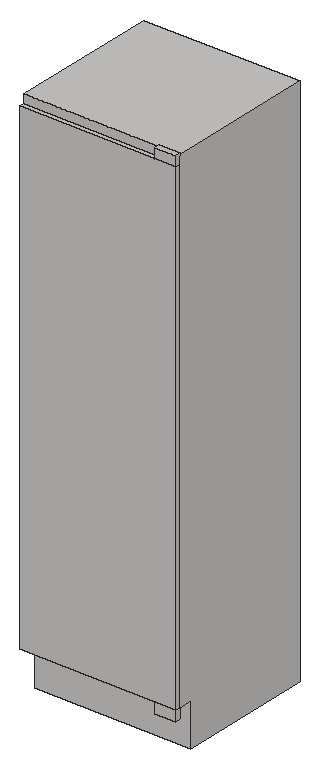
Revit family "RC 462704", category Generic Models, Revit 2014
Parameters (values of type "RC462704")
  Width = 610 mm
  URL = "http://www.gaggenau.com."
  Model = "RC462704"
  Manufacturer = "Gaggenau"
  Height = 2125 mm
  Handle = Metal Panel
  Fridge = Metal Panel
  Door = Metal Panel
  Description = "Gaggenau 24\" Refrigeration column"
  Depth = 608 mm
Reference planes
  plane 1 "Center (Front/Back)": y = 0
  plane 2: z = 0
  plane 3 "Center (Left/Right)": x = 0
  plane 4: z = 2125
  plane 5: x = -305
  plane 6: x = 305
  plane 7: y = 266.012
  plane 8: y = -341.988
  plane 9: z = 181
  plane 10: z = 102
  plane 11: z = 14.093
  plane 12: z = 2131
  plane 13: z = 2091
  plane 14: y = -268.988
  plane 15: y = -321.988
  plane 16: x = 244.794
Forms (mm)
  Extrusion 1, solid, material "Metal Panel" <- "Fridge"
    sketch origin (0, 0, 0) x (0, 1, 0) y (0, 0, 1)
      loop
        line (266.012, 2125) -> (-321.988, 2125) -> (-321.988, 181) -> (-268.988, 181) -> (-268.988, 14.093) -> (266.012, 14.093) -> (266.012, 2125)
    from -305 to 305
  Extrusion 2, solid, material "Metal Panel" <- "Door"
    sketch origin (0, 0, 0) x (1, 0, 0) y (0, 0, 1)
      loop
        line (-305, 181) -> (305, 181) -> (305, 2091) -> (-305, 2091) -> (-305, 181)
    from 321.988 to 341.988
  Extrusion 3, solid, material "Metal Panel" <- "Door"
    sketch origin (0, 0, -0.35) x (1, 0, 0) y (0, 0, 1)
      loop
        line (305, 2131.35) -> (225, 2131.35) -> (225, 2091.35) -> (305, 2091.35) -> (305, 2131.35)
      loop
        line (305, 181.35) -> (225, 181.35) -> (225, 141.35) -> (305, 141.35) -> (305, 181.35)
    from 321.988 to 341.988
  Extrusion 4, solid, material "Metal Panel" <- "Fridge"
    sketch origin (0, 0, 0) x (1, 0, 0) y (0, 1, 0)
      loop
        circle (-273.403, -159.898) r 11.868
      loop
        circle (-273.403, 159.898) r 11.868
      loop
        circle (273.403, -159.898) r 11.868
      loop
        circle (273.403, 159.898) r 11.868
    from 0 to 14.093
Dimensions and locks
  "Width": plane 5 to plane 6
  plane 7 to plane 8 = 608 mm  (x2)
  plane 4 to plane 2 = 2125 mm
  plane 9 to plane 2 = 181 mm
  plane 10 to plane 2 = 102 mm
  plane 12 to plane 13 = 40 mm
  plane 14 to plane 8 = 73 mm
  plane 6 to plane 16 = 60.206 mm
  equal spacing: plane 5, plane 3 "Center (Left/Right)", plane 6
  plane 12 to plane 10 = 2029 mm
  aligned and locked: level to plane 2
  aligned and locked: plane 5 to Extrusion 1
  aligned and locked: plane 6 to Extrusion 1
  aligned and locked: Extrusion 2 to plane 8
  aligned and locked: Extrusion 2 to Extrusion 1
  aligned and locked: Extrusion 3 to plane 8
  aligned and locked: Extrusion 3 to Extrusion 1
  aligned and locked: plane 13 to Extrusion 2 sketch curve
  aligned and locked: plane 6 to Extrusion 2 sketch curve
  aligned and locked: plane 5 to Extrusion 2 sketch curve
Automatic sketch dimensions
  Extrusion 1 sketch curve to plane 4 = 0 mm
  Extrusion 1 sketch curve to plane 15 = 0 mm
  Extrusion 1 sketch curve to plane 9 = 0 mm
  Extrusion 1 sketch curve to plane 14 = 0 mm
  Extrusion 1 sketch curve to plane 7 = 0 mm
  Extrusion 1 sketch curve to plane 11 = 0 mm
  Extrusion 4 sketch curve to plane 5 = 31.597 mm  (x2)
  plane 16 to Extrusion 4 sketch curve = 28.608 mm  (x2)
  Extrusion 4 sketch curve to plane 14 = 109.089 mm  (x2)
  Extrusion 4 sketch curve to plane 7 = 106.114 mm  (x2)
  plane 10 to Extrusion 2 sketch curve = 79 mm
  Extrusion 3 sketch curve to plane 16 = 19.794 mm  (x2)
  Extrusion 3 sketch curve to plane 12 = 0 mm
  Extrusion 3 sketch curve to plane 6 = 0 mm  (x2)
  Extrusion 3 sketch curve to plane 9 = 0 mm
  Extrusion 3 sketch curve to plane 13 = 0 mm
  Extrusion 3 sketch curve to plane 9 = 40 mm
  radius of Extrusion 4 sketch curve = 11.868 mm  (x4)
